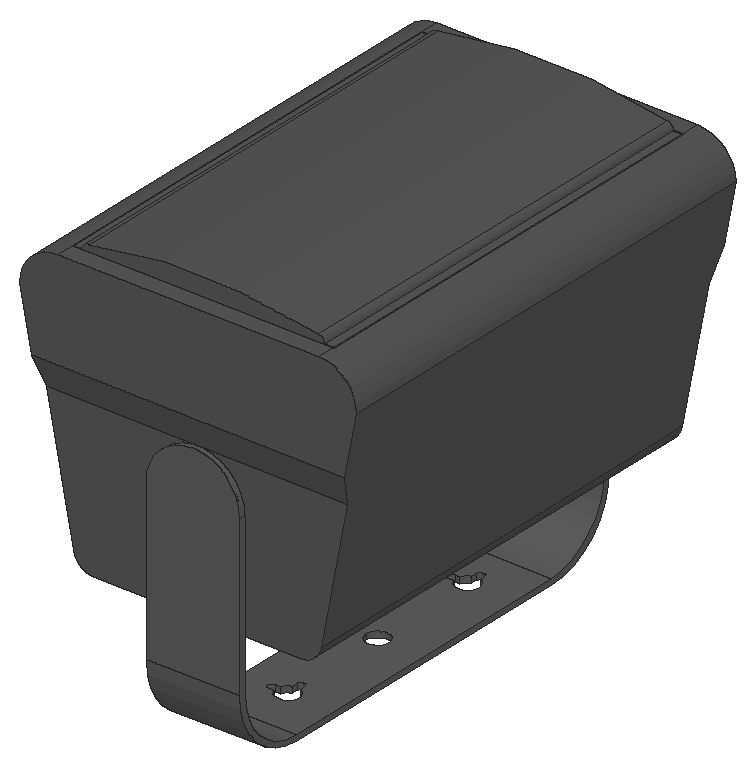
Revit family "Electronics_Commercial-Loudspeakers_Biamp_Passive-Loudspeaker_SDQ5P", category Communication Devices, host Face, Revit 2020
Family settings
  Host = Face
  Maintain Annotation Orientation = No
  Round Connector Dimension = Use Diameter
  Part Type = Normal
  OmniClass Number = 23.85.10.11.14.14.14
  Cut with Voids When Loaded = No
  Shared = No
  Room Calculation Point = No
Parameters (values of type "SDQ5P B")
  Woofer size in inch = "5.25"  # constant formula
  Woofer cone material = "Polypropylene"  # constant formula
  Width = 7.08661"  # constant formula
  Weight = 12.90 lbf  # constant formula
  Vertical dispersion angle 1000 Hz = "180°\r"  # constant formula
  URL = "https://www.biamp.com/"
  Tweeter size in inch = "1"  # constant formula
  SPL 1W/1m in dB = "86"  # constant formula
  Rotate angle (0°) - (-90.00°) [instance] = if(Rotate angle < -90.00°, -90.00°, if(Rotate angle > 0.00°, 0.00°, Rotate angle))  # 0.00°
  Rotate angle (0°) - (90.00°) [instance] = if(Rotate angle < 0.00°, 0.00°, if(Rotate angle > 90.00°, 90.00°, Rotate angle))  # 0.00°
  Rotate angle [instance] = 0.00°
  Product data url = "https://bimobject.com/biamp/product/sdq5p_commercial-loudspeakers-surface-mount"
  Product Page URL = "https://www.biamp.com/products/product-families/commercial-loudspeakers/surface-mount#sdq5p"
  Product Documentation Link = "https://downloads.biamp.com/assets/docs/default-source/data-sheets/biamp_data_sheet_sdq5p-bl_aug20.pdf"
  Nom Rotate angle [instance] = if(Rotate angle > 0.00°, [Rotate angle (0°) - (90.00°)], [Rotate angle (0°) - (-90.00°)])  # 0.00°
  Mounting system = "U-bracket"  # constant formula
  Mounting Material = Biamp - Metal - Black
  Model = "SDQ5P B"
  Max SPL 1m in dB = "101"  # constant formula
  Manufacturer = "Biamp"  # constant formula
  Low impedance dynamic power in watts = "2 x 30"  # constant formula
  Low impedance RMS power in watts = "2 x 15"  # constant formula
  Loudspeaker system = "2-way"  # constant formula
  Housing Material = Biamp - Plastic - Black
  Horizontal dispersion angle 1000 Hz = "180°\r"  # constant formula
  Height = 9.96063"  # constant formula
  Grill Material = Biamp - Plastic - Black(Grid)
  Frequency response in Hz = "45-20k"  # constant formula
  Description = "SDQ5P-BL Active Loudspeaker Set 5\", 2 x 30 Watts, Black"
  Depth = 6.37795"  # constant formula
  Default Elevation = 0.00"  # constant formula
  Connector Description = "Euroblock 2 pole; Speaker input"  # constant formula
Types (3): name | Mounting Material | Model | Housing Material | Grill Material | Description
  (no name) | Biamp - Metal - Black | "SDQ5P B" | Biamp - Plastic - Black | Biamp - Plastic - Black(Grid) | "SDQ5P-BL Active Loudspeaker Set 5\", 2 x 30 Watts, Black"
  SDQ5P B | Biamp - Metal - Black | "SDQ5P B" | Biamp - Plastic - Black | Biamp - Plastic - Black(Grid) | "SDQ5P-BL Active Loudspeaker Set 5\", 2 x 30 Watts, Black"
  SDQ5P W | Biamp - Metal - White | "SDQ5P W" | Biamp - Plastic - White | Biamp - Plastic - White(Grid) | "SDQ5P-BL Active Loudspeaker Set 5\", 2 x 30 Watts, White"
Reference planes (in)
  plane 1 "Center (Front/Back)": y = 0
  plane 2: z = 0
  plane 3 "Center (Left/Right)": x = 0
Dimensions and locks (in)
  aligned and locked: plane 2 to host face
  aligned and locked: level to host face
  aligned and locked: plane 3 "Center (Left/Right)" to nested 1
  aligned and locked: plane 1 "Center (Front/Back)" to nested 1
Nested families (in)
  nested 1: "U-Bracket" at (0, 0, 0), Housing Material <- "Mounting Material", type "U-Bracket"
    with Housing Material Biamp - Metal - Black
  nested 2: "SDQ5P_Angled_pas" at (0, -4.74104, 4.85651) x (1, 0, 0) z (0, 1, 0), Angle of equipment <- "Nom Rotate angle", Grill Material <- "Grill Material", Housing Material <- "Housing Material", type "SDQ5P_Angled_pas"
    with Housing Material Biamp - Plastic - Black, Grill Material Biamp - Plastic - Black(Grid), Angle of equipment 0.00°
Connectors (in)
  electrical at (-0.50984, -0.3937, 2.59148), driven by "Connector Description"
    settings: on nested 2, index 2, voltage 0 V, apparent load 0 VA, apparent load phase1 0 VA, apparent load phase2 0 VA, apparent load phase3 0 VA, power factor 1, load classification "Other", number of poles 1, system type 5, power factor state 1, is connector primary yes, connector utility no, sub classification motor no, connector description "Euroblock 2 pole; Speaker input"
Definition of nested family "U-Bracket"
  Parameters (values of type "U-Bracket")
    Housing Material [instance] = none
    Height = 0.00"
    Default Elevation = 0.00"  # constant formula
  Reference planes (in)
    plane 1 "Center (Front/Back)": y = 0
    plane 2: z = 0
    plane 3 "Center (Left/Right)": x = 0
  Forms (in)
    Extrusion 1, solid
      sketch origin (0, 0, 0) x (1, 0, 0) y (0, 1, 0)
        loop
          line (-48, 48) -> (-48, -48) -> (48, -48) -> (48, 48) -> (-48, 48)
      from 0 to -12
    Extrusion 2, solid, material <- "Housing Material"
      sketch origin (0, -8.48975, 21.90793) x (0, 0, -1) y (0, 1, 0)
        loop
          line (16.06717, 13.23079) -> (20.39788, 13.23079)
          arc (20.39788, 13.23079) -> (21.38213, 12.8231) -> (21.78982, 11.83884) r 1.39194
          line (21.78982, 11.83884) -> (21.78982, 5.14066)
          arc (21.78982, 5.14066) -> (21.38213, 4.15641) -> (20.39788, 3.74872) r 1.39194
          line (20.39788, 3.74872) -> (16.06717, 3.74872) -> (16.06717, 3.63061) -> (20.39788, 3.63061)
          arc (20.39788, 3.63061) -> (21.46564, 4.07289) -> (21.90793, 5.14066) r 1.51005
          line (21.90793, 5.14066) -> (21.90793, 11.83884)
          arc (21.90793, 11.83884) -> (21.46564, 12.90661) -> (20.39788, 13.3489) r 1.51005
          line (20.39788, 13.3489) -> (16.06717, 13.3489) -> (16.06717, 13.23079)
      from -0.98425 to 0.98425
    Extrusion 3, void
      sketch origin (0, 0, 0) x (1, 0, 0) y (0, 0, 1)
        loop
          arc (-0.98425, 4.85651) -> (0, 5.84076) -> (0.98425, 4.85651) r 0.98425
          line (0.98425, 4.85651) -> (0.98425, 6.03761) -> (-0.98425, 6.03761) -> (-0.98425, 4.85651)
      from 4.74104 to 4.85915
    Extrusion 4, void
      sketch origin (0, 0, 0) x (1, 0, 0) y (0, 0, -1)
        loop
          line (-0.98425, -4.85651) -> (-0.98425, -6.03761) -> (0.98425, -6.03761) -> (0.98425, -4.85651)
          arc (0.98425, -4.85651) -> (0, -5.84076) -> (-0.98425, -4.85651) r 0.98425
      from 4.74104 to 4.85915
    Extrusion 5, void
      sketch origin (0, 0, 0) x (1, 0, 0) y (0, 1, 0)
        loop
          circle (0, 0) r 0.24606
        loop
          arc (-0.08661, 2.59252) -> (-0.17399, 2.5362) -> (-0.23031, 2.44882) r 0.24606
          line (-0.23031, 2.44882) -> (-0.33713, 2.44882)
          arc (-0.33713, 2.44882) -> (-0.42375, 2.3622) -> (-0.33713, 2.27559) r 0.08661
          line (-0.33713, 2.27559) -> (-0.23031, 2.27559)
          arc (-0.23031, 2.27559) -> (0.17399, 2.18821) -> (0.08661, 2.59252) r 0.24606
          line (0.08661, 2.59252) -> (0.08661, 2.69934)
          arc (0.08661, 2.69934) -> (0, 2.78595) -> (-0.08661, 2.69934) r 0.08661
          line (-0.08661, 2.69934) -> (-0.08661, 2.59252)
        loop
          arc (-0.08661, -2.13189) -> (-0.17399, -2.18821) -> (-0.23031, -2.27559) r 0.24606
          line (-0.23031, -2.27559) -> (-0.33713, -2.27559)
          arc (-0.33713, -2.27559) -> (-0.42375, -2.3622) -> (-0.33713, -2.44882) r 0.08661
          line (-0.33713, -2.44882) -> (-0.23031, -2.44882)
          arc (-0.23031, -2.44882) -> (0.17399, -2.5362) -> (0.08661, -2.13189) r 0.24606
          line (0.08661, -2.13189) -> (0.08661, -2.02507)
          arc (0.08661, -2.02507) -> (0, -1.93846) -> (-0.08661, -2.02507) r 0.08661
          line (-0.08661, -2.02507) -> (-0.08661, -2.13189)
      from 0 to 0.11811
  Cuts and joins
    Extrusion 3, Extrusion 4, Extrusion 5 cuts Extrusion 2
  Lines and regions (in)
    Masking region 1
      outline origin (0, 0, 0) x (1, 0, 0) y (0, 1, 0)
        loop
          line (-0.98425, 4.85915) -> (-0.98425, -4.85915) -> (0.98425, -4.85915) -> (0.98425, 4.85915) -> (-0.98425, 4.85915)
        loop
          line (-0.23031, 2.44882) -> (-0.33713, 2.44882)
          arc (-0.33713, 2.44882) -> (-0.42375, 2.3622) -> (-0.33713, 2.27559) r 0.08661
          line (-0.33713, 2.27559) -> (-0.23031, 2.27559)
          arc (-0.23031, 2.27559) -> (0.17399, 2.18821) -> (0.08661, 2.59252) r 0.24606
          line (0.08661, 2.59252) -> (0.08661, 2.69934)
          arc (0.08661, 2.69934) -> (0, 2.78595) -> (-0.08661, 2.69934) r 0.08661
          line (-0.08661, 2.69934) -> (-0.08661, 2.59252)
          arc (-0.08661, 2.59252) -> (-0.17399, 2.5362) -> (-0.23031, 2.44882) r 0.24606
        loop
          circle (0, 0) r 0.24606
        loop
          line (0.08661, -2.13189) -> (0.08661, -2.02507)
          arc (0.08661, -2.02507) -> (0, -1.93846) -> (-0.08661, -2.02507) r 0.08661
          line (-0.08661, -2.02507) -> (-0.08661, -2.13189)
          arc (-0.08661, -2.13189) -> (-0.17399, -2.18821) -> (-0.23031, -2.27559) r 0.24606
          line (-0.23031, -2.27559) -> (-0.33713, -2.27559)
          arc (-0.33713, -2.27559) -> (-0.42375, -2.3622) -> (-0.33713, -2.44882) r 0.08661
          line (-0.33713, -2.44882) -> (-0.23031, -2.44882)
          arc (-0.23031, -2.44882) -> (0.17399, -2.5362) -> (0.08661, -2.13189) r 0.24606
    Masking region 2
      outline origin (0, 0, 0) x (1, 0, 0) y (0, 0, 1)
        loop
          arc (0, 5.84076) -> (-0.69597, 5.55248) -> (-0.98425, 4.85651) r 0.98425
          line (-0.98425, 4.85651) -> (-0.98425, 0) -> (0.98425, 0) -> (0.98425, 4.85651)
          arc (0.98425, 4.85651) -> (0.69597, 5.55248) -> (0, 5.84076) r 0.98425
    Masking region 3
      outline origin (0, 0, 0) x (0, 1, 0) y (0, 0, 1)
        loop
          line (-4.74104, 1.51005) -> (-4.74104, 5.84076) -> (-4.85915, 5.84076) -> (-4.85915, 1.51005)
          arc (-4.85915, 1.51005) -> (-4.41686, 0.44228) -> (-3.34909, 0) r 1.51005
          line (-3.34909, 0) -> (3.34909, 0)
          arc (3.34909, 0) -> (4.41686, 0.44228) -> (4.85915, 1.51005) r 1.51005
          line (4.85915, 1.51005) -> (4.85915, 5.84076) -> (4.74104, 5.84076) -> (4.74104, 1.51005)
          arc (4.74104, 1.51005) -> (4.33335, 0.5258) -> (3.34909, 0.11811) r 1.39194
          line (3.34909, 0.11811) -> (-3.34909, 0.11811)
          arc (-3.34909, 0.11811) -> (-4.33335, 0.5258) -> (-4.74104, 1.51005) r 1.39194
    symbolic lines
      curve 1: line (-0.98425, 4.74104, 0) -> (0.98425, 4.74104, 0)
      curve 2: line (-0.98425, -4.74104, 0) -> (0.98425, -4.74104, 0)
  Dimensions and locks (in)
    aligned and locked: plane 2 to Extrusion 1
    aligned and locked: level to Extrusion 1
Definition of nested family "SDQ5P_Angled_pas"
  Parameters (values of type "SDQ5P_Angled_pas")
    Housing Material [instance] = none
    Grill Material [instance] = none
    Default Elevation = 0.00"
    Angle of equipment [instance] = 0.00°
  Reference planes (in)
    plane 1 "Center (Front/Back)": y = 0
    plane 2: z = 0
    plane 3 "Center (Left/Right)": x = 0
  Forms (in)
    Extrusion 1, solid
      sketch origin (0, 0, 0) x (1, 0, 0) y (0, 1, 0)
        loop
          line (-48, 48) -> (-48, -48) -> (48, -48) -> (48, 48) -> (-48, 48)
      from 0 to -12
  Lines and regions (in)
    reference lines
      curve 1: line (0, -8.46947, 0) -> (0, 0, 0)
      curve 2: line (0, -11.5, 0) -> (0, 0, 0)
  Dimensions and locks (in)
    "Angle of equipment": angle curve 1 to curve 2
    aligned and locked: plane 2 to Extrusion 1
    aligned and locked: level to Extrusion 1
    aligned and locked: plane 1 "Center (Front/Back)" to curve 1
    aligned and locked: plane 3 "Center (Left/Right)" to curve 1
    aligned and locked: plane 1 "Center (Front/Back)" to curve 2
    aligned and locked: plane 3 "Center (Left/Right)" to curve 2
    aligned and locked: curve 2 to nested 1
  Automatic sketch dimensions
    Extrusion 1 sketch curve to Extrusion 1 sketch curve = 96.00"  (x2)
    plane 1 "Center (Front/Back)" to curve 1 = 8.46947"
  Nested families (in)
    nested 1: "SDQ5P_pas" at (0, 0.46325, 0), Grill Material <- "Grill Material", Housing Material <- "Housing Material", type "SDQ5P"
      with Housing Material none, Grill Material none
  Definition of nested family "SDQ5P_pas"
    Parameters (values of type "SDQ5P_pas")
      Housing Material [instance] = none
      Grill Material [instance] = none
      Default Elevation = 0.00"  # constant formula
    Reference planes (in)
      plane 1 "Center (Front/Back)": y = 0
      plane 2: z = 0
      plane 3 "Center (Left/Right)": x = 0
    Forms (in)
      Extrusion 1, solid
        sketch origin (0, 0, 0) x (1, 0, 0) y (0, 1, 0)
          loop
            line (-48, 48) -> (-48, -48) -> (48, -48) -> (48, 48) -> (-48, 48)
        from 0 to -12
      Extrusion 2, solid, material <- "Housing Material", detail levels medium+fine
        sketch origin (0, 1.80178, 4.74104) x (0, -1, 0) y (1, 0, 0)
          loop
            arc (5.18701, -3.54331) -> (5.75074, -3.3098) -> (5.98425, -2.74606) r 0.79724
            line (5.98425, -2.74606) -> (5.98425, 2.74606)
            arc (5.98425, 2.74606) -> (5.75074, 3.3098) -> (5.18701, 3.54331) r 0.79724
            line (5.18701, 3.54331) -> (0.35429, 2.61401)
            arc (0.35429, 2.61401) -> (0.10215, 2.46583) -> (0, 2.19179) r 0.43682
            line (0, 2.19179) -> (0, -2.19179)
            arc (0, -2.19179) -> (0.10215, -2.46583) -> (0.35429, -2.61401) r 0.43682
            line (0.35429, -2.61401) -> (5.18701, -3.54331)
        from -4.98031 to 4.98031
      Extrusion 3, solid, material <- "Grill Material", detail levels medium+fine
        sketch origin (0, 1.80178, 4.74104) x (0, -1, 0) y (1, 0, 0)
          loop
            line (5.98425, -2.74606) -> (5.98425, -2.54921)
            arc (5.98425, -2.54921) -> (6.08268, -2.50844) -> (6.12345, -2.41002) r 0.13919
            arc (6.12345, -2.41002) -> (6.37795, 0) -> (6.12345, 2.41002) r 11.53794
            arc (6.12345, 2.41002) -> (6.08268, 2.50844) -> (5.98425, 2.54921) r 0.13919
            line (5.98425, 2.54921) -> (5.98425, 2.74606) -> (5.59055, 2.74606) -> (5.59055, -2.74606) -> (5.98425, -2.74606)
        from -4.58661 to 4.58661
      Extrusion 4, void
        sketch origin (0, 1.80178, 4.74104) x (0, -1, 0) y (1, 0, 0)
          loop
            line (5.98425, -2.74606) -> (5.98425, 2.74606) -> (5.59055, 2.74606) -> (5.59055, -2.74606) -> (5.98425, -2.74606)
        from -4.58661 to 4.58661
      Extrusion 5, void
        sketch origin (0, 1.80178, 4.74104) x (1, 0, 0) y (0, 0, 1)
          loop
            line (-1.76181, 4.19291) -> (-1.76181, 3.60236) -> (-0.18701, 3.60236) -> (-0.18701, 4.19291) -> (-1.76181, 4.19291)
          loop
            line (1.76181, 4.19291) -> (0.18701, 4.19291) -> (0.18701, 3.60236) -> (1.76181, 3.60236) -> (1.76181, 4.19291)
          loop
            line (1.76181, 3.40551) -> (1.17126, 3.40551) -> (1.17126, -4.19291) -> (1.76181, -4.19291) -> (1.76181, 3.40551)
          loop
            line (-1.76181, -4.19291) -> (0.77756, -4.19291) -> (0.77756, 3.40551) -> (-1.76181, 3.40551) -> (-1.76181, -4.19291)
          loop
            line (1.01378, 3.40551) -> (0.93504, 3.40551) -> (0.93504, -4.19291) -> (1.01378, -4.19291) -> (1.01378, 3.40551)
          loop
            line (1.13189, 3.40551) -> (1.05315, 3.40551) -> (1.05315, -4.19291) -> (1.13189, -4.19291) -> (1.13189, 3.40551)
          loop
            line (0.81693, 3.40551) -> (0.81693, -4.19291) -> (0.89567, -4.19291) -> (0.89567, 3.40551) -> (0.81693, 3.40551)
        from 0 to 0.19685
      Extrusion 6, solid, detail levels medium+fine
        sketch origin (0.61446, 1.80178, 8.43045) x (1, 0, 0) y (0, 0, 1)
          loop
            line (-0.7306, -3.84689) -> (-1.518, -3.84689) -> (-1.518, -4.31933) -> (-0.7306, -4.31933) -> (-0.7306, -3.84689)
          loop
            line (-0.92745, -3.92563) -> (-0.92745, -4.04374) -> (-0.80934, -4.04374) -> (-0.80934, -3.92563) -> (-0.92745, -3.92563)
          loop
            line (-0.92745, -4.12248) -> (-0.92745, -4.24059) -> (-0.80934, -4.24059) -> (-0.80934, -4.12248) -> (-0.92745, -4.12248)
        from 0 to 0.19685
      Extrusion 7, void
        sketch origin (0, 1.80178, 4.74104) x (0, 0, 1) y (0, -1, 0)
          loop
            line (4.98031, 3.90669) -> (4.74104, 3.24928) -> (4.74104, 0) -> (4.98031, 0) -> (4.98031, 3.90669)
          loop
            line (-4.98031, 3.90669) -> (-4.98031, 0) -> (-4.74104, 0) -> (-4.74104, 3.24928) -> (-4.98031, 3.90669)
        from -4.57046 to 3.64656
      Extrusion 8, solid, material <- "Housing Material", detail levels coarse
        sketch origin (0, 0, 0) x (1, 0, 0) y (0, 1, 0)
          loop
            line (-3.1707, -1.4475) -> (-3.54331, -3.38522)
            arc (-3.54331, -3.38522) -> (-3.3098, -3.94896) -> (-2.74606, -4.18247) r 0.79724
            line (-2.74606, -4.18247) -> (-2.54921, -4.18247)
            arc (-2.54921, -4.18247) -> (-2.50844, -4.28089) -> (-2.41002, -4.32166) r 0.13919
            arc (-2.41002, -4.32166) -> (0, -4.57617) -> (2.41002, -4.32166) r 11.53794
            arc (2.41002, -4.32166) -> (2.50844, -4.28089) -> (2.54921, -4.18247) r 0.13919
            line (2.54921, -4.18247) -> (2.74606, -4.18247)
            arc (2.74606, -4.18247) -> (3.3098, -3.94896) -> (3.54331, -3.38522) r 0.79724
            line (3.54331, -3.38522) -> (3.1707, -1.4475) -> (-3.1707, -1.4475)
        from -0.23928 to 9.72135
      Extrusion 9, solid, material <- "Housing Material", detail levels coarse
        sketch origin (0, 0, 0) x (1, 0, 0) y (0, 1, 0)
          loop
            line (-2.61401, 1.4475) -> (-3.1707, -1.4475) -> (3.1707, -1.4475) -> (2.61401, 1.4475)
            arc (2.61401, 1.4475) -> (2.46583, 1.69964) -> (2.19179, 1.80178) r 0.43682
            line (2.19179, 1.80178) -> (-2.19179, 1.80178)
            arc (-2.19179, 1.80178) -> (-2.46583, 1.69964) -> (-2.61401, 1.4475) r 0.43682
        from 0 to 9.48207
    Cuts and joins
      Extrusion 4, Extrusion 5, Extrusion 7 cuts Extrusion 2
    Lines and regions (in)
      Masking region 1
        outline origin (0, 0, 0) x (1, 0, 0) y (0, 1, 0)
          loop
            line (-2.61401, 1.4475) -> (-3.54331, -3.38522)
            arc (-3.54331, -3.38522) -> (-3.3098, -3.94896) -> (-2.74606, -4.18247) r 0.79724
            line (-2.74606, -4.18247) -> (-2.54921, -4.18247)
            arc (-2.54921, -4.18247) -> (-2.50844, -4.28089) -> (-2.41002, -4.32166) r 0.13919
            arc (-2.41002, -4.32166) -> (0, -4.57617) -> (2.41002, -4.32166) r 11.53794
            arc (2.41002, -4.32166) -> (2.50844, -4.28089) -> (2.54921, -4.18247) r 0.13919
            line (2.54921, -4.18247) -> (2.74606, -4.18247)
            arc (2.74606, -4.18247) -> (3.3098, -3.94896) -> (3.54331, -3.38522) r 0.79724
            line (3.54331, -3.38522) -> (2.61401, 1.4475)
            arc (2.61401, 1.4475) -> (2.46583, 1.69964) -> (2.19179, 1.80178) r 0.43682
            line (2.19179, 1.80178) -> (-2.19179, 1.80178)
            arc (-2.19179, 1.80178) -> (-2.46583, 1.69964) -> (-2.61401, 1.4475) r 0.43682
      Masking region 2
        outline origin (0, 0, 0) x (1, 0, 0) y (0, 0, 1)
          loop
            line (-3.54331, 9.72135) -> (-3.54331, -0.23928) -> (3.54331, -0.23928) -> (3.54331, 0.15442) -> (3.54331, 9.32765) -> (3.54331, 9.72135) -> (-3.54331, 9.72135)
      Masking region 3
        outline origin (0, 0, 0) x (0, 1, 0) y (0, 0, 1)
          loop
            line (-2.10491, 9.72135) -> (-4.18247, 9.72135) -> (-4.18247, 9.32765) -> (-4.57617, 9.32765) -> (-4.57617, 0.15442) -> (-4.18247, 0.15442) -> (-4.18247, -0.23928) -> (-2.10491, -0.23928) -> (-1.4475, 0) -> (1.80178, 0) -> (1.80178, 9.48207) -> (-1.4475, 9.48207) -> (-2.10491, 9.72135)
      symbolic lines
        curve 1: line (-3.1707, -1.4475, 0) -> (3.1707, -1.4475, 0)
        curve 2: line (3.29711, -2.10491, 0) -> (-3.29711, -2.10491, 0)
        curve 3: line (-2.74606, -4.18247, 0) -> (2.74606, -4.18247, 0)
        curve 4: line (-2.41002, 0, 9.32765) -> (-2.41002, 0, 0.15442)
        curve 5: line (-2.41002, 0, 0.15442) -> (2.41002, 0, 0.15442)
        curve 6: line (2.41002, 0, 0.15442) -> (2.41002, 0, 9.32765)
        curve 7: line (2.41002, 0, 9.32765) -> (-2.41002, 0, 9.32765)
        curve 8: line (-2.74606, 0, 9.32765) -> (-2.74606, 0, 0.15442)
        curve 9: line (-2.74606, 0, 0.15442) -> (-2.54921, 0, 0.15442)
        curve 10: line (-2.54921, 0, 0.15442) -> (-2.54921, 0, 9.32765)
        curve 11: line (-2.54921, 0, 9.32765) -> (-2.74606, 0, 9.32765)
        curve 12: line (2.74606, 0, 0.15442) -> (2.74606, 0, 9.32765)
        curve 13: line (2.74606, 0, 9.32765) -> (2.54921, 0, 9.32765)
        curve 14: line (2.54921, 0, 9.32765) -> (2.54921, 0, 0.15442)
        curve 15: line (2.54921, 0, 0.15442) -> (2.74606, 0, 0.15442)
        curve 16: line (-2.54921, 0, 9.32765) -> (-2.41002, 0, 9.32765)
        curve 17: line (2.41002, 0, 9.32765) -> (2.54921, 0, 9.32765)
        curve 18: line (-2.54921, 0, 0.15442) -> (-2.41002, 0, 0.15442)
        curve 19: line (2.41002, 0, 0.15442) -> (2.54921, 0, 0.15442)
        curve 20: line (0, -3.38522, 9.72135) -> (0, -3.38522, -0.23928)
        curve 21: line (0, -4.32166, 9.32765) -> (0, -4.32166, 0.15442)
        curve 22: line (0, -4.18247, 0.15442) -> (0, -4.18247, 9.32765)
    Dimensions and locks (in)
      aligned and locked: plane 2 to Extrusion 1
      aligned and locked: level to Extrusion 1
